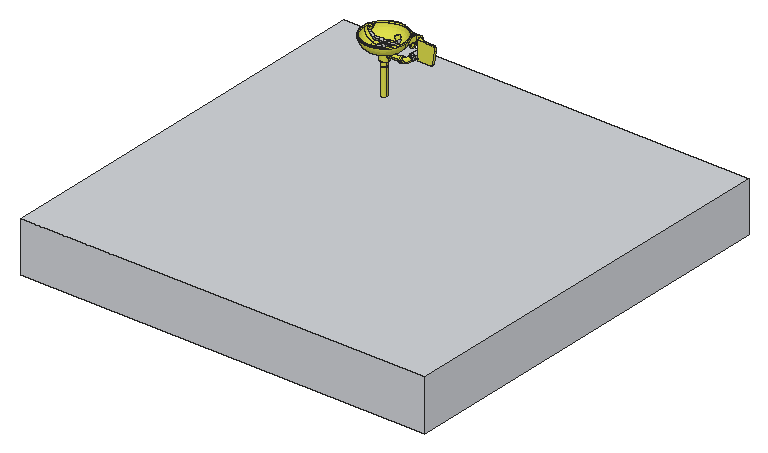
Revit family
Parameters (values of type "S19-220")
  Plastic-Gray = Plastic - Bradley Corp - Gray
  Width = 15.500"
  Waste Water Connection Radius = Waste Water Connection Diameter / 2  # 5/8"
  Waste Water Connection Diameter = 1 1/4"
  Warranty Information = "Full, One-Year"
  Version = "1.0"
  URL = "http://www.bradleycorp.com/"
  Technical Data = "n/a"
  Stainless Steel = Metal - Bradley Corp - Stainless Steel
  Safety Yellow = Metal - Bradley Corp - BRADTECT® Safety Yellow Coating
  Plastic Bowl = yes
  Pipe Material = Metal - Bradley Corp - Stainless Steel
  Percentage of Recycled Content = 0
  OmniClass Title = "Emergency Eye Wash Stations"
  OmniClass Code = "23.29.37.13"
  Navigator EFX8 Emergency Thermostatic Mixing Valve = no
  Modeling Code = "n/a"
  Model = "S19-220"
  Material Note = "n/a"
  MasterFormat Title = "Eyewash Equipment"
  MasterFormat Number = "22.45.16"
  Manufacturer = "Bradley Corporation"
  Low Emitting Material = no
  Length = 13.250"
  LEED Credit = ""
  Installation Type = "Wall_Mounted"
  Industry Standards = "ANSI Z358.1-2009, cUPC"
  Height = 14.625"
  Fire Rating = "n/a"
  Description = "Wall-Mount Eyewash Unit"
  Default Elevation = 36.000"
  Copyright = "This Model is Property of Bradley Corporation"
  Complies to NAFTA = "n/a"
  Cold Water Connection Radius = Cold Water Connection Diameter / 2  # 1/4"
  Cold Water Connection Diameter = 1/2"
  Chrome-plated red brass = Metal - Bradley Corp - Chrome
  Buy American Act = "To Be Determined"
  Black = Plastic - Bradley Corp - Black
  Barrier-Free = "No"
  Assembly Code = "D2010710"
  Ball Valve_Stay Open Chrome Plated Brass = yes
  Eyewash_Yellow Impact Resistant Plastic = yes
  Standard Sprayhead Assembly_Chrome Plated Brass = yes
  Wall Bracket = yes
Reference planes (in)
  plane 1 "Center (Front/Back)": y = 0
  plane 2: z = 0
  plane 3 "Center (Left/Right)": x = 0
  plane 4 "Top of HUb": z = 36
  plane 5 "Bottom of Hub": z = 27.23936
  plane 6 "Model center": z = 33.74215
  plane 7: through (-3.42061, -169.3293, 40.85987) normal (-0.9063, 0, 0.4226)
  plane 8: through (3.42061, -169.3293, 40.85987) normal (-0.9063, 0, -0.4226)
  plane 9: x = 5.18744
  plane 10 "Back of wall": y = 8.25
  plane 11: x = 0.99325
  plane 12: x = -0.962
  plane 13: y = 3.75
Forms (in)
  Extrusion 1, solid
    sketch origin (0, 0, 0) x (1, 0, 0) y (0, 1, 0)
      loop
        line (-48, 48) -> (-48, -48) -> (48, -48) -> (48, 48) -> (-48, 48)
    from 0 to -12
  Revolve 2, solid, material "Metal - Bradley Corp - BRADTECT® Safety Yellow Coating" <- "Safety Yellow", visible <- "Plastic Bowl", detail levels medium+fine
    sketch origin (9.39726, 0, -6.48996) x (1, 0, 0) y (0, 0, 1)
      loop
        line (-10.94876, 38.30713) -> (-9.39726, 38.30713) -> (-9.39726, 38.43213) -> (-10.85926, 38.43213)
        arc (-10.85926, 38.43213) -> (-10.96958, 38.56148) -> (-11.12568, 38.62883) r 0.375
        line (-11.12568, 38.62883) -> (-12.14771, 38.81337)
        arc (-12.14771, 38.81337) -> (-13.68107, 39.69367) -> (-14.31157, 41.34552) r 2.63225
        arc (-14.31157, 41.34552) -> (-14.3305, 41.38917) -> (-14.37455, 41.40713) r 0.063
        line (-14.37455, 41.40713) -> (-14.43112, 41.40713)
        arc (-14.43112, 41.40713) -> (-14.47757, 41.38669) -> (-14.49388, 41.33864) r 0.063
        line (-14.49388, 41.33864) -> (-14.4813, 41.19491) -> (-14.42968, 41.19491)
        arc (-14.42968, 41.19491) -> (-13.729, 39.55359) -> (-12.16992, 38.68519) r 2.75725
        line (-12.16992, 38.68519) -> (-11.1488, 38.5008)
        arc (-11.1488, 38.5008) -> (-11.01932, 38.43439) -> (-10.94876, 38.30713) r 0.25
      axis (-9.39726, 41.40713) -> (-9.39726, 38.30713)
    angle from 0 to 360
  Sweep 3, solid, material "Metal - Bradley Corp - Stainless Steel" <- "Stainless Steel", detail levels medium+fine
    path in 3D
      loop
        line (0, -1.27344, 33.48276) -> (-1.75, -1.27344, 33.48276)
        arc (-1.75, -1.27344, 33.48276) -> (-2.75, -1.27344, 33.77897) -> (-3.42734, -1.27344, 34.57204) r 1.83608
        arc (-3.42734, -1.27344, 34.57204) -> (-3.49883, -1.27344, 34.90988) -> (-3.4261, -1.27344, 35.24746) r 0.82688
    profile origin (-0.875, -1.27344, 33.48276) x (0, 0, 1) y (0, 1, 0)
      loop
        circle (0, 1.27344) r 0.25
  Revolve 4, solid, material "Metal - Bradley Corp - BRADTECT® Safety Yellow Coating" <- "Safety Yellow", detail levels medium+fine
    sketch origin (-17.62428, 0, -4.57929) x (0.422618, 0, 0.906308) y (0.906308, 0, -0.422618)
      loop
        line (42.09571, -4.45754) -> (42.69571, -4.45754)
        arc (42.69571, -4.45754) -> (42.7918, -4.21534) -> (42.82969, -3.95754) r 1.12663
        line (42.82969, -3.95754) -> (42.57954, -3.95754)
        arc (42.57954, -3.95754) -> (42.56538, -4.08423) -> (42.53299, -4.20754) r 0.87663
        line (42.53299, -4.20754) -> (42.09571, -4.20754) -> (42.09571, -4.45754)
      axis (42.82969, -3.95754) -> (42.09571, -3.95754)
    angle from 0 to 360
  Sweep 5, solid, material "Metal - Bradley Corp - Stainless Steel" <- "Stainless Steel", detail levels medium+fine
    path in 3D
      loop
        line (0, -1.27344, 33.48276) -> (1.75, -1.27344, 33.48276)
        arc (1.75, -1.27344, 33.48276) -> (2.75, -1.27344, 33.77897) -> (3.42734, -1.27344, 34.57204) r 1.83608
        arc (3.42734, -1.27344, 34.57204) -> (3.49883, -1.27344, 34.90988) -> (3.4261, -1.27344, 35.24746) r 0.82688
    profile origin (0.875, -1.27344, 33.48276) x (0, 0, -1) y (0, 1, 0)
      loop
        circle (0, 1.27344) r 0.25
  Revolve 6, solid, material "Metal - Bradley Corp - BRADTECT® Safety Yellow Coating" <- "Safety Yellow", detail levels medium+fine
    sketch origin (17.62428, 0, -4.57929) x (-0.422618, 0, 0.906308) y (0.906308, 0, 0.422618)
      loop
        line (42.09571, 4.45754) -> (42.09571, 4.20754) -> (42.53299, 4.20754)
        arc (42.53299, 4.20754) -> (42.56538, 4.08423) -> (42.57954, 3.95754) r 0.87663
        line (42.57954, 3.95754) -> (42.82969, 3.95754)
        arc (42.82969, 3.95754) -> (42.7918, 4.21534) -> (42.69571, 4.45754) r 1.12663
        line (42.69571, 4.45754) -> (42.09571, 4.45754)
      axis (42.82969, 3.95754) -> (42.09571, 3.95754)
    angle from 0 to 360
  Extrusion 7, solid, material "Metal - Bradley Corp - Stainless Steel" <- "Stainless Steel", detail levels medium+fine
    sketch origin (0, 9.39726, -6.01724) x (0, 1, 0) y (0, 0, 1)
      loop
        circle (-9.39726, 39.5) r 0.375
    from -0.75115 to 0.74913
  Extrusion 8, solid, material "Metal - Bradley Corp - Stainless Steel" <- "Stainless Steel", detail levels medium+fine
    sketch origin (0, 9.45736, -5.61496) x (1, 0, 0) y (0, 1, 0)
      loop
        circle (0, -9.45736) r 0.375
    from 37.4375 to 39
  Revolve 9, solid, material "Metal - Bradley Corp - Stainless Steel" <- "Stainless Steel", detail levels medium+fine
    sketch origin (0, 0, -5.70474) x (0, 0, 1) y (1, 0, 0)
      loop
        line (38.21836, 0) -> (37.91251, 0) -> (37.91251, -1.57345)
        arc (37.91251, -1.57345) -> (38.11903, -0.79714) -> (38.21836, 0) r 5.90971
      axis (38.21836, 0) -> (37.91251, 0)
    angle from 0 to 360
  Revolve 10, solid, material "Metal - Bradley Corp - BRADTECT® Safety Yellow Coating" <- "Safety Yellow", detail levels medium+fine
    sketch origin (0, 0, -5.51724) x (1, 0, 0) y (0, 0, 1)
      loop
        line (-0.49972, 37.33441) -> (-1.39372, 37.33441)
        arc (-1.39372, 37.33441) -> (-1.43827, 37.31595) -> (-1.45672, 37.27141) r 0.063
        line (-1.45672, 37.27141) -> (-1.45672, 37.14741)
        arc (-1.45672, 37.14741) -> (-1.43827, 37.10286) -> (-1.39372, 37.08441) r 0.063
        line (-1.39372, 37.08441) -> (-1.16712, 37.08441)
        arc (-1.16712, 37.08441) -> (-1.08029, 37.04932) -> (-1.0422, 36.96377) r 0.125
        line (-1.0422, 36.96377) -> (-0.97667, 35.08719)
        arc (-0.97667, 35.08719) -> (-0.95747, 35.04407) -> (-0.91371, 35.02639) r 0.063
        line (-0.91371, 35.02639) -> (-0.49972, 35.02639) -> (-0.49972, 37.33441)
      axis (0, 35.02639) -> (0, 37.33441)
    angle from 0 to 360
  Extrusion 11, solid, material "Metal - Bradley Corp - Stainless Steel" <- "Stainless Steel", detail levels medium+fine
    sketch origin (1.18744, 1.86719, -3.08284) x (1, 0, 0) y (0, 0, 1)
      loop
        line (3.46875, 33.81828) -> (4, 33.51157) -> (4.53125, 33.81828) -> (4.53125, 34.43172) -> (4, 34.73843) -> (3.46875, 34.43172) -> (3.46875, 33.81828)
    from 0 to 0.68359
  Extrusion 12, solid, material "Metal - Bradley Corp - Stainless Steel" <- "Stainless Steel", detail levels medium+fine
    sketch origin (1.18744, 2.06641, -3.08284) x (1, 0, 0) y (0, 0, 1)
      loop
        circle (4, 34.125) r 0.6136
    from 0 to 0.19922
  Extrusion 13, solid, material "Metal - Bradley Corp - Stainless Steel" <- "Stainless Steel", detail levels medium+fine
    sketch origin (1.18744, 3.75, -3.08284) x (1, 0, 0) y (0, 0, 1)
      loop
        line (3.46875, 33.81828) -> (4, 33.51157) -> (4.53125, 33.81828) -> (4.53125, 34.43172) -> (4, 34.73843) -> (3.46875, 34.43172) -> (3.46875, 33.81828)
    from 0 to 0.68359
  Revolve 14, solid, material "Metal - Bradley Corp - BRADTECT® Safety Yellow Coating" <- "Safety Yellow", detail levels medium+fine
    sketch origin (0, 0, 0) x (1, 0, 0) y (0, 0, 1)
      loop
        line (0.5, 29.50915) -> (0.5, 22.00915) -> (0.6, 22.00915) -> (0.6, 28.26035) -> (0.66667, 28.50915) -> (0.66667, 29.50915) -> (0.5, 29.50915)
      axis (0, 22.00915) -> (0, 29.50915)
    angle from 0 to 360
  Extrusion 15, solid, material "Metal - Bradley Corp - BRADTECT® Safety Yellow Coating" <- "Safety Yellow", detail levels medium+fine
    sketch origin (0, 0, 0) x (0, 1, 0) y (0, 0, 1)
      loop
        circle (0, 31.04216) r 0.5
    from 1.14082 to 4.03816
  Extrusion 16, solid, material "Metal - Bradley Corp - BRADTECT® Safety Yellow Coating" <- "Safety Yellow", detail levels medium+fine
    sketch origin (3.49128, 0, 0) x (0, 1, 0) y (0, 0, 1)
      loop
        circle (0, 31.04216) r 0.625
    from 0.54364 to 0.91864
  Sweep 17, solid, material "Metal - Bradley Corp - BRADTECT® Safety Yellow Coating" <- "Safety Yellow", detail levels medium+fine
    path origin (0, 0, 31.04216) x (-1, 0, 0) y (0, -1, 0)
      loop
        line (-5.18744, -1.18359) -> (-5.18744, -0.77752)
        arc (-5.18744, -0.77752) -> (-4.95971, -0.22773) -> (-4.40993, 0) r 0.77752
    profile origin (5.18744, 0.98055, 31.04216) x (1, 0, 0) y (0, 0, 1)
      loop
        circle (0, 0) r 0.5
  Extrusion 18, solid, material "Metal - Bradley Corp - BRADTECT® Safety Yellow Coating" <- "Safety Yellow", visible <- "Wall Bracket", detail levels medium+fine
    sketch origin (0, 8.25, 0) x (-1, 0, 0) y (0, 0, 1)
      loop
        line (2, 31.72163) -> (-2, 31.72163)
        arc (-2, 31.72163) -> (-2.45612, 31.42645) -> (-2.3737, 30.88945) r 0.5
        line (-2.3737, 30.88945) -> (-0.84797, 29.17301) -> (-0.3737, 28.63945)
        arc (-0.3737, 28.63945) -> (0, 28.47163) -> (0.37371, 28.63945) r 0.5
        line (0.37371, 28.63945) -> (0.887, 29.2169) -> (2.37371, 30.88944)
        arc (2.37371, 30.88944) -> (2.45612, 31.42645) -> (2, 31.72163) r 0.5
      loop
        circle (2, 31.22163) r 0.17946
      loop
        circle (-2, 31.22163) r 0.17946
      loop
        circle (0, 28.97163) r 0.17946
    from 0 to -0.188
  Extrusion 19, solid, material "Metal - Bradley Corp - BRADTECT® Safety Yellow Coating" <- "Safety Yellow", visible <- "Wall Bracket", detail levels medium+fine
    sketch origin (0, 0, 0) x (0, 1, 0) y (0, 0, 1)
      loop
        line (0, 31.54216) -> (0, 30.54216) -> (7.21612, 30.54216)
        arc (7.21612, 30.54216) -> (7.81425, 30.29441) -> (8.062, 29.69628) r 0.84588
        line (8.062, 29.69628) -> (8.062, 31.54216) -> (0, 31.54216)
    from -1.15488 to 1.14082
  Extrusion 20, solid, material "Metal - Bradley Corp - BRADTECT® Safety Yellow Coating" <- "Safety Yellow", visible <- "Wall Bracket", detail levels medium+fine
    sketch origin (0, 0, 0) x (0, 1, 0) y (0, 0, 1)
      loop
        line (0.61795, 31.54216) -> (-0.61795, 31.54216) -> (-0.61795, 31.03508)
        arc (-0.61795, 31.03508) -> (0, 30.41713) -> (0.61795, 31.03508) r 0.61795
        line (0.61795, 31.03508) -> (0.61795, 31.54216)
    from -1.15488 to 1.14082
  Extrusion 21, solid, material "Metal - Bradley Corp - BRADTECT® Safety Yellow Coating" <- "Safety Yellow", detail levels medium+fine
    sketch origin (0.31244, 2.06641, -0.27034) x (0, 0, 1) y (1, 0, 0)
      loop
        line (35.34333, 6.02268) -> (35.34333, 9.38774)
        arc (35.34333, 9.38774) -> (35.07542, 9.96227) -> (34.46309, 10.12634) r 0.75
        line (34.46309, 10.12634) -> (31.2565, 9.56093)
        arc (31.2565, 9.56093) -> (30.96031, 9.38992) -> (30.84333, 9.06853) r 0.5
        line (30.84333, 9.06853) -> (30.84333, 6.02268) -> (35.34333, 6.02268)
    from 0 to 1
  Extrusion 22, void
    sketch origin (0.31244, 12.73711, -0.27034) x (1, 0, 0) y (0, 1, 0)
      loop
        arc (5.73296, -9.6707) -> (7.90049, -10.39661) -> (10.1857, -10.45142) r 7.66901
        line (10.1857, -10.45142) -> (10.1857, -9.6707) -> (5.73296, -9.6707)
    from 30.84333 to 35.34333
  Extrusion 23, solid, material "Metal - Bradley Corp - Stainless Steel" <- "Stainless Steel", detail levels medium+fine
    sketch origin (18.87331, 2.70947, -4.14408) x (0.870003, -0.016287, 0.492777) y (-0.492777, 0.004292, 0.870145)
      loop
        line (4.60031, 37.3769) -> (5.02205, 36.64643) -> (5.86552, 36.64643) -> (6.28726, 37.3769) -> (5.86552, 38.10736) -> (5.02205, 38.10736) -> (4.60031, 37.3769)
    from -0.28516 to 0.71484
  Extrusion 24, solid, material "Metal - Bradley Corp - Stainless Steel" <- "Stainless Steel", detail levels medium+fine
    sketch origin (0, -1.17986, 0) x (0, 1, 0) y (0, 0, 1)
      loop
        circle (3.71159, 31.04216) r 0.40918
    from 5.93654 to 6.33512
Cuts and joins
  joined: Extrusion 19, Extrusion 20
  Extrusion 22 cuts Extrusion 21
  Extrusion 22 cuts Extrusion 24
Lines and regions (in)
  sketch lines
    curve 1: line (0, -1.27344, 33.48276) -> (-1.75, -1.27344, 33.48276)
    curve 2: arc (-1.75, -1.27344, 33.48276) -> (-2.75, -1.27344, 33.77897) -> (-3.42734, -1.27344, 34.57204) r 1.83608
    curve 3: arc (-3.42734, -1.27344, 34.57204) -> (-3.49883, -1.27344, 34.90988) -> (-3.4261, -1.27344, 35.24746) r 0.82688
    curve 4: line (0, -1.27344, 33.48276) -> (1.75, -1.27344, 33.48276)
    curve 5: arc (1.75, -1.27344, 33.48276) -> (2.75, -1.27344, 33.77897) -> (3.42734, -1.27344, 34.57204) r 1.83608
    curve 6: arc (3.42734, -1.27344, 34.57204) -> (3.49883, -1.27344, 34.90988) -> (3.4261, -1.27344, 35.24746) r 0.82688
  model lines, detail levels coarse
    curve 7: line (-1.5515, 0, 31.81717) -> (1.5515, 0, 31.81717)
    curve 8: arc (-5.10151, 0, 34.93995) -> (-3.91552, 0, 32.70896) -> (-1.5515, 0, 31.81717) r 3.57923
    curve 9: arc (5.10151, 0, 34.93995) -> (3.91552, 0, 32.70896) -> (1.5515, 0, 31.81717) r 3.57923
    curve 27: line (0, 0, 31.81717) -> (0, 0, 22.00915)
    curve 28: arc (0, 5.10151, 34.93995) -> (0, 3.91552, 32.70896) -> (0, 1.5515, 31.81717) r 3.57923
    curve 68: arc (0, -5.10151, 34.93995) -> (0, -3.91552, 32.70896) -> (0, -1.5515, 31.81717) r 3.57923
    curve 69: line (0, -1.5515, 31.81717) -> (0, 1.5515, 31.81717)
  symbolic lines, detail levels medium+fine
    curve 10: circle (-3.19404, 0, 33.74215) r 0.45812 normal (0, 0, -1)
    curve 11: line (-0.75115, -0.375, 33.74215) -> (-0.75115, 0.375, 33.74215)
    curve 12: line (0.74913, -0.375, 33.74215) -> (-0.75115, -0.375, 33.74215)
    curve 13: line (0.74913, 0.375, 33.74215) -> (0.74913, -0.375, 33.74215)
    curve 14: line (-2.80863, 0.24766, 33.74215) -> (-0.75115, 0.24766, 33.74215)
    curve 15: line (-2.80863, -0.24766, 33.74215) -> (-0.75115, -0.24766, 33.74215)
    curve 16: circle (3.19404, 0, 33.74215) r 0.45812 normal (0, 0, 1)
    curve 17: line (2.80863, 0.24766, 33.74215) -> (0.74913, 0.24766, 33.74215)
    curve 18: line (2.80863, -0.24766, 33.74215) -> (0.74913, -0.24766, 33.74215)
    curve 19: line (-0.75115, 0.375, 33.74215) -> (0.74913, 0.375, 33.74215)
    curve 22: line (4.65619, 3.75, 33.74215) -> (4.65619, 3.07283, 33.74215)
    curve 23: line (5.71869, 3.75, 33.74215) -> (5.71869, 3.07283, 33.74215)
    curve 24: line (4.65619, 3.75, 33.74215) -> (5.71869, 3.75, 33.74215)
    curve 25: line (5.68482, 1.18359, 33.74215) -> (5.68482, 0.67125, 33.74215)
    curve 26: arc (5.68482, 0.67125, 33.74215) -> (5.51977, 0.09898, 33.74215) -> (5.07533, -0.29752, 33.74215) r 1.07466
    curve 35: line (4.65619, 3.07283, 33.74215) -> (4.45677, 3.07283, 33.74215)
    curve 36: line (4.45677, 3.07283, 33.74215) -> (4.45677, 2.44637, 33.74215)
    curve 37: line (5.71869, 3.07283, 33.74215) -> (5.91812, 3.07283, 33.74215)
    curve 38: line (5.91812, 3.07283, 33.74215) -> (5.91812, 2.07283, 33.74215)
    curve 39: line (5.80343, 2.07283, 33.74215) -> (5.80343, 1.86719, 33.74215)
    curve 40: line (5.71869, 1.86719, 33.74215) -> (5.71869, 1.18359, 33.74215)
    curve 43: line (5.91812, 2.12255, 33.74215) -> (6.33512, 2.12255, 33.74215)
    curve 44: line (6.33512, 2.05888, 33.74215) -> (10.45328, 2.05888, 33.74215)
    curve 45: line (10.45328, 2.05888, 33.74215) -> (10.45328, 2.28016, 33.74215)
    curve 46: arc (10.45328, 2.28016, 33.74215) -> (8.34949, 2.31782, 33.74215) -> (6.33512, 2.92583, 33.74215) r 7.66901
    curve 47: line (6.33512, 2.05888, 33.74215) -> (6.33512, 2.12255, 33.74215)
    curve 48: line (6.33512, 2.92583, 33.74215) -> (5.91812, 2.92583, 33.74215)
    curve 49: line (5.68482, 1.18359, 33.74215) -> (5.71869, 1.18359, 33.74215)
    curve 50: line (5.71869, 1.86719, 33.74215) -> (5.80343, 1.86719, 33.74215)
    curve 54: line (6.33512, 2.12255, 33.74215) -> (6.33512, 2.92583, 33.74215)
    curve 55: line (5.80343, 2.07283, 33.74215) -> (5.91812, 2.07283, 33.74215)
    curve 56: line (4.03816, 8.25, 30.54216) -> (1.01011, 8.25, 30.54216)
    curve 57: line (4.03816, 8.25, 31.54216) -> (1.09239, 8.25, 31.54216)
    curve 58: arc (-2.17946, 8.25, 31.22163) -> (-2, 8.25, 31.04216) -> (-1.82054, 8.25, 31.22163) r 0.17946
    curve 59: arc (-1.82054, 8.25, 31.22163) -> (-2, 8.25, 31.40109) -> (-2.17946, 8.25, 31.22163) r 0.17946
    curve 60: arc (-2.37371, 8.25, 30.88944) -> (-2.45612, 8.25, 31.42645) -> (-2, 8.25, 31.72163) r 0.5
    curve 61: line (-2, 8.25, 31.72163) -> (-1.45663, 8.25, 31.72163)
    curve 62: line (-0.887, 8.25, 29.21691) -> (-2.37371, 8.25, 30.88944)
    curve 63: line (-0.66307, 8.25, 28.96497) -> (-0.88701, 8.25, 29.21691)
    curve 64: line (0.84797, 8.25, 29.173) -> (0.66304, 8.25, 28.96496)
    curve 65: line (2.065, 8.25, 30.54216) -> (0.84797, 8.25, 29.173)
    curve 66: arc (2, 8.25, 31.72163) -> (2.21181, 8.25, 31.67454) -> (2.38374, 8.25, 31.54216) r 0.5
    curve 67: line (2, 8.25, 31.72163) -> (1.45957, 8.25, 31.72163)
  symbolic lines, detail levels fine
    curve 20: arc (-1.53161, 0.24766, 33.74215) -> (0, 1.5515, 33.74215) -> (1.53161, 0.24766, 33.74215) r 1.5515
    curve 21: arc (1.53161, -0.24766, 33.74215) -> (0, -1.5515, 33.74215) -> (-1.53161, -0.24766, 33.74215) r 1.5515
    curve 41: line (5.20254, 3.0626, 33.74215) -> (5.20254, 2.06641, 33.74215)
    curve 42: line (4.94435, 1.18359, 33.74215) -> (5.68482, 1.18359, 33.74215)
    curve 51: line (4.72875, 1.86719, 33.74215) -> (5.71869, 1.86719, 33.74215)
    curve 52: line (4.64229, 2.07283, 33.74215) -> (5.80343, 2.07283, 33.74215)
    curve 53: line (4.65619, 3.07283, 33.74215) -> (5.71869, 3.07283, 33.74215)
  symbolic lines
    curve 29: line (-1.15488, 4.95114, 33.74215) -> (-1.15488, 8.062, 33.74215)
    curve 30: line (2.5, 8.062, 33.74215) -> (-2.5, 8.062, 33.74215)
    curve 31: line (-2.5, 8.062, 33.74215) -> (-2.5, 8.25, 33.74215)
    curve 32: line (-2.5, 8.25, 33.74215) -> (2.5, 8.25, 33.74215)
    curve 33: line (2.5, 8.25, 33.74215) -> (2.5, 8.062, 33.74215)
    curve 34: line (1.14082, 8.062, 33.74215) -> (1.14082, 4.95439, 33.74215)
  model lines
    curve 70: circle (0, 0, 34.9461) r 5.08404 normal (0, 0, -1)
Dimensions and locks (in)
  locked: level to plane 4 "Top of HUb" at 36
  locked: plane 1 "Center (Front/Back)" to plane 10 "Back of wall" at 8.25
  plane 12 to plane 11 = 1.95525"
  aligned and locked: plane 2 to Extrusion 1
  aligned and locked: level to Extrusion 1
  aligned and locked: plane 1 "Center (Front/Back)" to Extrusion 19
  aligned: plane 1 "Center (Front/Back)" to curve 27
Connectors (in)
  piping at (5.18744, 3.75, 31.04216), driven by "Cold Water Connection Diameter"
    settings: on Extrusion 13, index 1
  piping at (0, 0, 22.00915), driven by "Waste Water Connection Radius"
    settings: on Revolve 14, index 2
